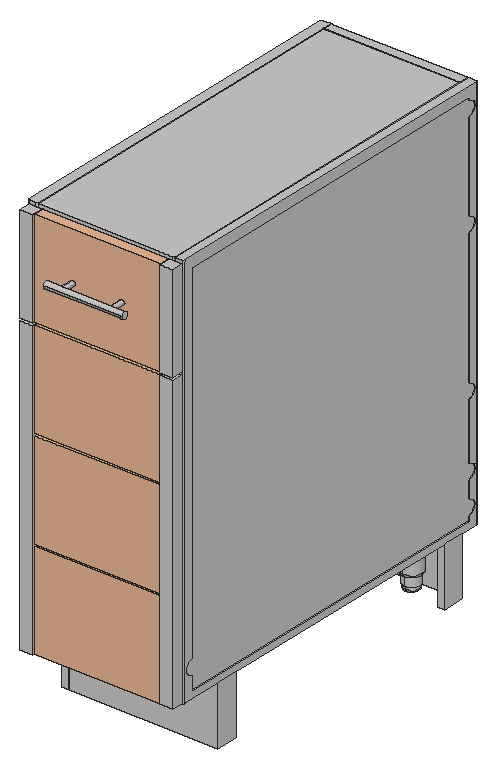
Revit family "Outdoor-Kitchen-Cabinets_Kalamazoo_Storage-Cabinets_Arcadia", category Specialty Equipment, Revit 2018 (continued)
Definition of nested family "Arcadia-Storage-Cabinets"
  Automatic sketch dimensions
    plane 10 "Center (Front/Back)" to Extrusion 4 sketch curve = 0.76314"
    Extrusion 4 sketch curve to Extrusion 4 sketch curve = 0.022"
    plane 10 "Center (Front/Back)" to Extrusion 4 sketch curve = 0.75052"  (x3)
    Extrusion 4 sketch curve to Extrusion 4 sketch curve = 0.01262"  (x2)
    Extrusion 4 sketch curve to Extrusion 4 sketch curve = 0.00861"
    Extrusion 4 sketch curve to Extrusion 4 sketch curve = 0.11982"
    Extrusion 4 sketch curve to Extrusion 4 sketch curve = 0.12404"  (x4)
    Extrusion 4 sketch curve to Extrusion 4 sketch curve = 0.12929"
    Extrusion 4 sketch curve to Extrusion 4 sketch curve = 0.1298"
    Extrusion 4 sketch curve to Extrusion 4 sketch curve = 0.13093"
    Extrusion 4 sketch curve to Extrusion 4 sketch curve = 0.13138"
    Extrusion 4 sketch curve to Extrusion 4 sketch curve = 0.16513"
    Extrusion 4 sketch curve to Extrusion 4 sketch curve = 0.28257"
    Extrusion 4 sketch curve to Extrusion 4 sketch curve = 0.67652"  (x3)
    Extrusion 4 sketch curve to Extrusion 4 sketch curve = 1.03257"
    Extrusion 4 sketch curve to Extrusion 4 sketch curve = 0.54755"
    Extrusion 4 sketch curve to Extrusion 4 sketch curve = 0.12855"
    Extrusion 4 sketch curve to Extrusion 4 sketch curve = 1.08885"
    Extrusion 4 sketch curve to Extrusion 4 sketch curve = 0.01888"
    Extrusion 4 sketch curve to Extrusion 4 sketch curve = 0.68629"
    Extrusion 4 sketch curve to Extrusion 4 sketch curve = 4.1642"
    Extrusion 4 sketch curve to Extrusion 4 sketch curve = 0.01248"
    Extrusion 4 sketch curve to Extrusion 4 sketch curve = 0.69481"
    Extrusion 4 sketch curve to Extrusion 4 sketch curve = 0.67608"
    Extrusion 4 sketch curve to Extrusion 4 sketch curve = 9.48685"
    Extrusion 4 sketch curve to Extrusion 4 sketch curve = 0.00154"
    Extrusion 4 sketch curve to Extrusion 4 sketch curve = 0.70241"
    Extrusion 4 sketch curve to Extrusion 4 sketch curve = 0.67204"
    Extrusion 4 sketch curve to Extrusion 4 sketch curve = 1.49605"
    Extrusion 4 sketch curve to Extrusion 4 sketch curve = 0.0107"
    Extrusion 4 sketch curve to Extrusion 4 sketch curve = 0.67227"
    Extrusion 4 sketch curve to Extrusion 4 sketch curve = 0.13656"
    Extrusion 4 sketch curve to Extrusion 4 sketch curve = 0.0217"
    Extrusion 4 sketch curve to Extrusion 4 sketch curve = 0.02154"  (x2)
    plane 11 to Extrusion 5 sketch curve = 1.54591"
    Extrusion 5 sketch curve to Extrusion 5 sketch curve = 0"  (x3)
    Extrusion 5 sketch curve to Extrusion 5 sketch curve = 0.12905"
    Extrusion 5 sketch curve to Extrusion 5 sketch curve = 0.12937"
    plane 18 to Extrusion 5 sketch curve = 0.77105"
    plane 11 to Extrusion 5 sketch curve = 1.67571"
    plane 10 "Center (Front/Back)" to Extrusion 5 sketch curve = 0.77252"
    plane 10 "Center (Front/Back)" to Extrusion 5 sketch curve = 0.77154"
    plane 10 "Center (Front/Back)" to Extrusion 5 sketch curve = 0.76877"
    plane 10 "Center (Front/Back)" to Extrusion 5 sketch curve = 0.76314"
    Extrusion 5 sketch curve to Extrusion 5 sketch curve = 0.022"
    plane 10 "Center (Front/Back)" to Extrusion 5 sketch curve = 0.75052"  (x3)
    Extrusion 5 sketch curve to Extrusion 5 sketch curve = 0.01262"  (x2)
    Extrusion 5 sketch curve to Extrusion 5 sketch curve = 0.00861"
    Extrusion 5 sketch curve to Extrusion 5 sketch curve = 0.11982"
    Extrusion 5 sketch curve to Extrusion 5 sketch curve = 0.12404"  (x4)
    Extrusion 5 sketch curve to Extrusion 5 sketch curve = 0.12929"
    Extrusion 5 sketch curve to Extrusion 5 sketch curve = 0.1298"
    Extrusion 5 sketch curve to Extrusion 5 sketch curve = 0.13093"
    Extrusion 5 sketch curve to Extrusion 5 sketch curve = 0.13138"
    Extrusion 5 sketch curve to Extrusion 5 sketch curve = 0.16513"
    Extrusion 5 sketch curve to Extrusion 5 sketch curve = 0.13656"
    Extrusion 5 sketch curve to Extrusion 5 sketch curve = 0.67652"  (x3)
    Extrusion 5 sketch curve to Extrusion 5 sketch curve = 0.67227"
    Extrusion 5 sketch curve to Extrusion 5 sketch curve = 0.0107"
    Extrusion 5 sketch curve to Extrusion 5 sketch curve = 6.61481"
    Extrusion 5 sketch curve to Extrusion 5 sketch curve = 0.54275"
    Extrusion 5 sketch curve to Extrusion 5 sketch curve = 0.70241"
    Extrusion 5 sketch curve to Extrusion 5 sketch curve = 0.00154"
    Extrusion 5 sketch curve to Extrusion 5 sketch curve = 9.64123"
    Extrusion 5 sketch curve to Extrusion 5 sketch curve = 0.67608"
    Extrusion 5 sketch curve to Extrusion 5 sketch curve = 0.68233"
    Extrusion 5 sketch curve to Extrusion 5 sketch curve = 0.01248"
    Extrusion 5 sketch curve to Extrusion 5 sketch curve = 4.10614"
    Extrusion 5 sketch curve to Extrusion 5 sketch curve = 0.68629"
    Extrusion 5 sketch curve to Extrusion 5 sketch curve = 0.01888"
    Extrusion 5 sketch curve to Extrusion 5 sketch curve = 2.3856"
    Extrusion 5 sketch curve to Extrusion 5 sketch curve = 0.6761"
    Extrusion 5 sketch curve to Extrusion 5 sketch curve = 1.08885"
    Extrusion 5 sketch curve to Extrusion 5 sketch curve = 0.67693"
    Extrusion 5 sketch curve to Extrusion 5 sketch curve = 0.28257"
    Extrusion 5 sketch curve to Extrusion 5 sketch curve = 0.0217"
    Extrusion 5 sketch curve to Extrusion 5 sketch curve = 0.02154"  (x2)
    plane 7 to Extrusion 6 sketch curve = 0.11016"
    plane 11 to Extrusion 6 sketch curve = 0.92521"  (x2)
    plane 9 to Extrusion 6 sketch curve = 0.02503"
    Extrusion 6 sketch curve to Extrusion 6 sketch curve = 0.11007"
    Extrusion 6 sketch curve to Extrusion 6 sketch curve = 0.11016"
    plane 10 "Center (Front/Back)" to Extrusion 6 sketch curve = 0.11009"  (x2)
    plane 10 "Center (Front/Back)" to Extrusion 6 sketch curve = 0.11007"  (x2)
    Extrusion 6 sketch curve to plane 10 "Center (Front/Back)" = 0"  (x2)
    plane 18 to Extrusion 7 sketch curve = 7.66589"  (x2)
    plane 18 to Extrusion 7 sketch curve = 0.22066"  (x2)
    Extrusion 8 sketch curve to plane 21 = 0"  (x2)
    plane 18 to Extrusion 8 sketch curve = 7.84852"  (x2)
    Extrusion 9 sketch curve to plane 21 = 7.40327"
    Extrusion 9 sketch curve to Extrusion 9 sketch curve = 0.18013"
    Extrusion 9 sketch curve to Extrusion 9 sketch curve = 7.44523"  (x2)
    Extrusion 9 sketch curve to Extrusion 9 sketch curve = 0.17762"
    Extrusion 9 sketch curve to Extrusion 9 sketch curve = 0.18263"
    plane 18 to Extrusion 9 sketch curve = 0.22066"
    Extrusion 10 sketch curve to plane 11 = 1.03221"
    plane 18 to Extrusion 10 sketch curve = 3.94628"
    plane 11 to Revolve 11 sketch curve = 0.09335"
    Revolve 11 sketch curve to plane 11 = 0.88465"
    plane 18 to Revolve 11 sketch curve = 3.94628"
    Revolve 11 sketch curve to Revolve 11 sketch curve = 0.19264"
    Revolve 11 sketch curve to Revolve 11 sketch curve = 0"  (x2)
    Revolve 11 sketch curve to Revolve 11 sketch curve = 0.15924"
    Revolve 12 sketch curve to plane 11 = 0.09335"
    plane 11 to Revolve 12 sketch curve = 0.88465"
    Revolve 12 sketch curve to plane 18 = 3.94628"
    Revolve 12 sketch curve to Revolve 12 sketch curve = 0.19264"
    Revolve 12 sketch curve to Revolve 12 sketch curve = 0"  (x2)
    Revolve 12 sketch curve to Revolve 12 sketch curve = 0.15924"
    Extrusion 13 sketch curve to plane 11 = 1.03221"
    plane 18 to Extrusion 13 sketch curve = 11.57414"
    plane 11 to Revolve 14 sketch curve = 0.09335"
    Revolve 14 sketch curve to plane 11 = 0.88465"
    plane 18 to Revolve 14 sketch curve = 11.57414"
    Revolve 14 sketch curve to Revolve 14 sketch curve = 0.19264"
    Revolve 14 sketch curve to Revolve 14 sketch curve = 0"  (x2)
    Revolve 14 sketch curve to Revolve 14 sketch curve = 0.15924"
    Revolve 15 sketch curve to plane 11 = 0.09335"
    plane 11 to Revolve 15 sketch curve = 0.88465"
    Revolve 15 sketch curve to plane 18 = 11.57414"
    Revolve 15 sketch curve to Revolve 15 sketch curve = 0.19264"
    Revolve 15 sketch curve to Revolve 15 sketch curve = 0"  (x2)
    Revolve 15 sketch curve to Revolve 15 sketch curve = 0.15924"
    Extrusion 16 sketch curve to plane 11 = 1.03221"
    Extrusion 16 sketch curve to plane 21 = 11.298"
    plane 11 to Revolve 17 sketch curve = 0.09335"
    Revolve 17 sketch curve to plane 11 = 0.88465"
    Revolve 17 sketch curve to plane 21 = 11.298"
    Revolve 17 sketch curve to Revolve 17 sketch curve = 0.19264"
    Revolve 17 sketch curve to Revolve 17 sketch curve = 0"  (x2)
    Revolve 17 sketch curve to Revolve 17 sketch curve = 0.15924"
    Revolve 18 sketch curve to plane 11 = 0.09335"
    plane 11 to Revolve 18 sketch curve = 0.88465"
    plane 21 to Revolve 18 sketch curve = 11.298"
    Revolve 18 sketch curve to Revolve 18 sketch curve = 0.19264"
    Revolve 18 sketch curve to Revolve 18 sketch curve = 0"  (x2)
    Revolve 18 sketch curve to Revolve 18 sketch curve = 0.15924"
    Extrusion 19 sketch curve to plane 21 = 0"  (x2)
    plane 18 to Extrusion 19 sketch curve = 0.2451"  (x2)
    Extrusion 19 sketch curve to plane 14 = 0.75693"  (x2)
    Extrusion 19 sketch curve to plane 3 "Center (Left/Right)" = 0.135"  (x2)
    plane 3 "Center (Left/Right)" to Extrusion 19 sketch curve = 0.135"  (x2)
    Extrusion 19 sketch curve to plane 15 = 0.75693"  (x2)
    Extrusion 19 sketch curve to Extrusion 19 sketch curve = 7.622"
    Extrusion 19 sketch curve to Extrusion 19 sketch curve = 0"
    Extrusion 19 sketch curve to Extrusion 19 sketch curve = 0.182"  (x2)
    Extrusion 20 sketch curve to plane 21 = 7.40327"
    Extrusion 20 sketch curve to Extrusion 20 sketch curve = 0"  (x3)
    Extrusion 20 sketch curve to Extrusion 20 sketch curve = 0.16713"  (x2)
    Extrusion 20 sketch curve to Extrusion 20 sketch curve = 7.45823"
    Extrusion 20 sketch curve to Extrusion 20 sketch curve = 0.16427"  (x2)
    Extrusion 20 sketch curve to Extrusion 20 sketch curve = 7.44"
    Extrusion 20 sketch curve to Extrusion 20 sketch curve = 0.182"  (x2)
    plane 18 to Extrusion 20 sketch curve = 0.2451"  (x2)
    Extrusion 23 sketch curve to plane 11 = 1.03221"
    plane 18 to Extrusion 23 sketch curve = 3.94628"
    Extrusion 26 sketch curve to plane 11 = 1.03221"
    plane 18 to Extrusion 26 sketch curve = 3.94628"
    Extrusion 29 sketch curve to plane 11 = 1.03221"
    plane 18 to Extrusion 29 sketch curve = 11.588"
    Extrusion 32 sketch curve to plane 11 = 1.03221"
    plane 18 to Extrusion 32 sketch curve = 11.588"
    plane 9 to Masking region 1 sketch curve = 0.02503"
    plane 11 to Masking region 1 sketch curve = 0.92521"  (x2)
    plane 7 to Masking region 1 sketch curve = 0.11016"
    Masking region 1 sketch curve to Masking region 1 sketch curve = 0.11007"
    Masking region 1 sketch curve to Masking region 1 sketch curve = 0.11016"
    plane 10 "Center (Front/Back)" to Masking region 1 sketch curve = 0.11009"  (x2)
    plane 10 "Center (Front/Back)" to Masking region 1 sketch curve = 0.11007"  (x2)
    Masking region 1 sketch curve to plane 10 "Center (Front/Back)" = 0"  (x2)
    plane 10 "Center (Front/Back)" to Masking region 2 sketch curve = 0"
    Masking region 2 sketch curve to plane 7 = 0.10834"  (x2)
    plane 10 "Center (Front/Back)" to Masking region 2 sketch curve = 0.11008"
    Masking region 2 sketch curve to plane 6 = 0.11008"
    Masking region 2 sketch curve to Masking region 2 sketch curve = 0.53038"
    Masking region 3 sketch curve to plane 6 = 0.11022"
    plane 11 to Masking region 3 sketch curve = 0.92518"
    Masking region 3 sketch curve to plane 7 = 0.10978"
    plane 10 "Center (Front/Back)" to Masking region 3 sketch curve = 0.75052"
    Masking region 4 sketch curve to plane 11 = 0.01673"  (x2)
    plane 11 to Masking region 4 sketch curve = 0.89391"  (x2)
    Masking region 5 sketch curve to plane 11 = 0.01673"  (x2)
    plane 11 to Masking region 5 sketch curve = 0.89391"  (x2)
    Masking region 5 sketch curve to plane 15 = 0.75693"
    plane 3 "Center (Left/Right)" to Masking region 5 sketch curve = 0.135"
    Masking region 5 sketch curve to plane 3 "Center (Left/Right)" = 0.135"
    Masking region 5 sketch curve to plane 14 = 0.75693"
    plane 11 to Masking region 6 sketch curve = 0.09335"  (x2)
    Masking region 6 sketch curve to Masking region 6 sketch curve = 0.80056"  (x2)
    Masking region 6 sketch curve to plane 15 = 0.75693"
    Masking region 6 sketch curve to plane 14 = 0.75693"
    plane 11 to Masking region 8 sketch curve = 0.09335"
    Masking region 8 sketch curve to Masking region 8 sketch curve = 0.80056"
    Masking region 9 sketch curve to plane 14 = 0"
    Masking region 9 sketch curve to plane 15 = 0"
    Masking region 9 sketch curve to plane 14 = 0.05389"
    Masking region 9 sketch curve to plane 11 = 0.88465"  (x2)
    Masking region 9 sketch curve to Masking region 9 sketch curve = 0.08892"  (x4)
    plane 11 to Masking region 9 sketch curve = 0.09335"  (x2)
    plane 15 to Masking region 9 sketch curve = 0.05389"
    plane 15 to Masking region 9 sketch curve = 0.19264"
    Masking region 9 sketch curve to Masking region 9 sketch curve = 0.05389"
    Masking region 9 sketch curve to plane 15 = 0.19264"
    Masking region 9 sketch curve to Masking region 9 sketch curve = 0.13875"
    plane 14 to Masking region 9 sketch curve = 0.05389"
    plane 14 to Masking region 9 sketch curve = 0.19264"
    Masking region 9 sketch curve to plane 15 = 0.01791"
    Masking region 9 sketch curve to Masking region 9 sketch curve = 0.02058"  (x4)
    plane 14 to Masking region 9 sketch curve = 0.01791"
    plane 15 to Masking region 9 sketch curve = 0.01791"
    Masking region 9 sketch curve to plane 14 = 0.01791"
    Masking region 10 sketch curve to plane 14 = 0"
    Masking region 10 sketch curve to plane 15 = 0"
    Masking region 10 sketch curve to plane 11 = 1.26881"
    Masking region 10 sketch curve to plane 14 = 0.05372"
    Masking region 10 sketch curve to plane 11 = 0.88465"  (x2)
    Masking region 10 sketch curve to Masking region 10 sketch curve = 0.47301"
    Masking region 10 sketch curve to Masking region 10 sketch curve = 0.47319"
    Masking region 10 sketch curve to Masking region 10 sketch curve = 0.08971"
    Masking region 10 sketch curve to plane 14 = 0.12511"
    plane 11 to Masking region 10 sketch curve = 5.07457"
    plane 6 to Masking region 10 sketch curve = 0.30122"
    Masking region 10 sketch curve to Masking region 10 sketch curve = 0"  (x3)
    Masking region 10 sketch curve to plane 15 = 0.12511"
    plane 7 to Masking region 10 sketch curve = 0.29066"
    plane 15 to Masking region 10 sketch curve = 0.19268"
    Masking region 10 sketch curve to Masking region 10 sketch curve = 0.05372"  (x2)
    plane 9 to Extrusion 33 sketch curve = 0"
    Extrusion 33 sketch curve to plane 12 = 0"
    plane 13 to Extrusion 33 sketch curve = 0"
    Extrusion 33 sketch curve to plane 8 = 0"
    plane 18 to Extrusion 33 sketch curve = 0.22066"  (x2)
    Extrusion 33 sketch curve to Extrusion 33 sketch curve = 7.44523"  (x2)
    plane 9 to Extrusion 34 sketch curve = 0"
    Extrusion 34 sketch curve to plane 12 = 0"
    plane 13 to Extrusion 34 sketch curve = 0"
    Extrusion 34 sketch curve to plane 8 = 0"
    Extrusion 34 sketch curve to plane 21 = 0"  (x2)
    plane 18 to Extrusion 34 sketch curve = 7.84852"  (x2)
    Extrusion 35 sketch curve to plane 12 = 0"  (x4)
    plane 13 to Extrusion 35 sketch curve = 0"  (x4)
    Extrusion 35 sketch curve to plane 21 = 0"
    Extrusion 35 sketch curve to plane 21 = 7.40327"
    Extrusion 35 sketch curve to Extrusion 35 sketch curve = 0.18013"
    Extrusion 35 sketch curve to Extrusion 35 sketch curve = 7.44523"  (x2)
    Extrusion 35 sketch curve to Extrusion 35 sketch curve = 0.17762"
    Extrusion 35 sketch curve to Extrusion 35 sketch curve = 0.18263"
    plane 18 to Extrusion 35 sketch curve = 0.22066"
    Extrusion 36 sketch curve to plane 21 = 0"  (x2)
    plane 18 to Extrusion 36 sketch curve = 0.2451"  (x2)
    Extrusion 36 sketch curve to plane 14 = 0.75693"  (x2)
    Extrusion 36 sketch curve to plane 3 "Center (Left/Right)" = 0.135"  (x2)
    plane 3 "Center (Left/Right)" to Extrusion 36 sketch curve = 0.135"  (x2)
    Extrusion 36 sketch curve to plane 15 = 0.75693"  (x2)
    Extrusion 36 sketch curve to Extrusion 36 sketch curve = 7.44"
    Extrusion 36 sketch curve to Extrusion 36 sketch curve = 0"
    Extrusion 36 sketch curve to Extrusion 36 sketch curve = 0.182"  (x2)
    Extrusion 37 sketch curve to plane 12 = 0"  (x4)
    Extrusion 37 sketch curve to plane 21 = 0"  (x2)
    plane 13 to Extrusion 37 sketch curve = 0"  (x4)
    Extrusion 37 sketch curve to plane 14 = 0.75693"
    Extrusion 37 sketch curve to Extrusion 37 sketch curve = 0"  (x8)
    Extrusion 37 sketch curve to plane 15 = 0.75693"  (x2)
    plane 18 to Extrusion 37 sketch curve = 0.2451"  (x2)
    Extrusion 37 sketch curve to Extrusion 37 sketch curve = 7.44"  (x2)
    Extrusion 37 sketch curve to Extrusion 37 sketch curve = 0.182"  (x2)
    Extrusion 37 sketch curve to Extrusion 37 sketch curve = 0.16427"  (x2)
    Extrusion 37 sketch curve to Extrusion 37 sketch curve = 7.45823"
    Extrusion 37 sketch curve to Extrusion 37 sketch curve = 0.16713"  (x2)
    Masking region 7 sketch curve to plane 11 = 0.88465"  (x2)
    Masking region 7 sketch curve to Masking region 7 sketch curve = 0.08936"  (x4)
    Masking region 7 sketch curve to Masking region 7 sketch curve = 0.08963"  (x4)
    Masking region 7 sketch curve to plane 11 = 0.39047"  (x4)
    Masking region 7 sketch curve to Masking region 7 sketch curve = 0"  (x4)
    plane 11 to Masking region 7 sketch curve = 0.09335"  (x4)
    Masking region 7 sketch curve to Masking region 7 sketch curve = 0.02338"  (x2)
    Masking region 7 sketch curve to Masking region 7 sketch curve = 0.13724"
    Masking region 7 sketch curve to Masking region 7 sketch curve = 0.0551"  (x6)
    Masking region 7 sketch curve to Masking region 7 sketch curve = 0.02367"  (x2)
    Masking region 7 sketch curve to Masking region 7 sketch curve = 0.13754"
    Masking region 7 sketch curve to Masking region 7 sketch curve = 0.1102"  (x2)
    Masking region 11 sketch curve to plane 11 = 0.79562"
    Masking region 11 sketch curve to Masking region 11 sketch curve = 0.47319"
    Masking region 12 sketch curve to plane 11 = 0.79562"
    Masking region 12 sketch curve to Masking region 12 sketch curve = 0.47319"
    Revolve 25 sketch curve to plane 11 = 0.88465"
    plane 11 to Revolve 25 sketch curve = 0.09335"
    plane 18 to Revolve 25 sketch curve = 3.94628"
    Revolve 25 sketch curve to Revolve 25 sketch curve = 0.19264"
    Revolve 25 sketch curve to Revolve 25 sketch curve = 0"  (x2)
    Revolve 25 sketch curve to Revolve 25 sketch curve = 0.15924"
    Revolve 31 sketch curve to plane 11 = 0.88465"
    plane 11 to Revolve 31 sketch curve = 0.09335"
    plane 18 to Revolve 31 sketch curve = 11.588"
    Revolve 31 sketch curve to Revolve 31 sketch curve = 0.19264"
    Revolve 31 sketch curve to Revolve 31 sketch curve = 0"  (x2)
    Revolve 31 sketch curve to Revolve 31 sketch curve = 0.15924"
    plane 11 to Revolve 24 sketch curve = 0.88465"
    Revolve 24 sketch curve to plane 11 = 0.09335"
    Revolve 24 sketch curve to plane 18 = 3.94628"
    Revolve 24 sketch curve to Revolve 24 sketch curve = 0.19264"
    Revolve 24 sketch curve to Revolve 24 sketch curve = 0"  (x2)
    Revolve 24 sketch curve to Revolve 24 sketch curve = 0.15924"
    plane 11 to Revolve 30 sketch curve = 0.88465"
    Revolve 30 sketch curve to plane 11 = 0.09335"
    Revolve 30 sketch curve to plane 18 = 11.588"
    Revolve 30 sketch curve to Revolve 30 sketch curve = 0.19264"
    Revolve 30 sketch curve to Revolve 30 sketch curve = 0"  (x2)
    Revolve 30 sketch curve to Revolve 30 sketch curve = 0.15924"
    plane 11 to Revolve 22 sketch curve = 0.88465"
    Revolve 22 sketch curve to plane 11 = 0.09335"
    Revolve 22 sketch curve to plane 18 = 3.94628"
    Revolve 22 sketch curve to Revolve 22 sketch curve = 0.19264"
    Revolve 22 sketch curve to Revolve 22 sketch curve = 0"  (x2)
    Revolve 22 sketch curve to Revolve 22 sketch curve = 0.15924"
    plane 11 to Revolve 28 sketch curve = 0.88465"
    Revolve 28 sketch curve to plane 11 = 0.09335"
    Revolve 28 sketch curve to plane 18 = 11.588"
    Revolve 28 sketch curve to Revolve 28 sketch curve = 0.19264"
    Revolve 28 sketch curve to Revolve 28 sketch curve = 0"  (x2)
    Revolve 28 sketch curve to Revolve 28 sketch curve = 0.15924"
    Revolve 21 sketch curve to plane 11 = 0.88465"
    plane 11 to Revolve 21 sketch curve = 0.09335"
    plane 18 to Revolve 21 sketch curve = 3.94628"
    Revolve 21 sketch curve to Revolve 21 sketch curve = 0.19264"
    Revolve 21 sketch curve to Revolve 21 sketch curve = 0"  (x2)
    Revolve 21 sketch curve to Revolve 21 sketch curve = 0.15924"
    Revolve 27 sketch curve to plane 11 = 0.88465"
    plane 11 to Revolve 27 sketch curve = 0.09335"
    plane 18 to Revolve 27 sketch curve = 11.588"
    Revolve 27 sketch curve to Revolve 27 sketch curve = 0.19264"
    Revolve 27 sketch curve to Revolve 27 sketch curve = 0"  (x2)
    Revolve 27 sketch curve to Revolve 27 sketch curve = 0.15924"
    radius of Extrusion 10 sketch curve = 0.2366"
    radius of Extrusion 13 sketch curve = 0.2366"
    radius of Extrusion 16 sketch curve = 0.2366"
    radius of Extrusion 23 sketch curve = 0.2366"
    radius of Extrusion 26 sketch curve = 0.2366"
    radius of Extrusion 29 sketch curve = 0.2366"
    radius of Extrusion 32 sketch curve = 0.2366"
Types in the file's own list only (16): name | Width | Weight (lb) | URL | SNGL | Model | Manufacturer | Description | DBL | 3 | 2
  KD-12-1 | 12" | 180.00 lbf | "https://kalamazoogourmet.com/products/arcadia-12-inch-pull-out-rack-storage-cabinet/" | Yes | "KD-12-1" | "Kalamazoo Outdoor Gourmet" | "Arcadia 12-Inch Pull-Out Rack Storage Cabinet" | No | No | No
  KD-12-2 | 12" | 180.00 lbf | "https://kalamazoogourmet.com/products/arcadia-12-inch-drawer-over-door-storage-cabinet/" | Yes | "KD-12-2" | "Kalamazoo Outdoor Gourmet" | "Arcadia 12-Inch Drawer Over Door Storage Cabinet" | No | No | Yes
  KD-12-3 | 12" | 180.00 lbf | "https://kalamazoogourmet.com/products/arcadia-12-inch-three-drawer-storage-cabinet/" | Yes | "KD-12-3" | "Kalamazoo Outdoor Gourmet" | "Arcadia 12-Inch Three Drawer Storage Cabinet" | No | Yes | Yes
  KD-15-2 | 15" | 190.00 lbf | "https://kalamazoogourmet.com/products/arcadia-15-inch-drawer-over-door-storage-cabinet/" | Yes | "KD-15-2" | "Kalamazoo Outdoor Gourmet" | "Arcadia 15-Inch Drawer Over Door Storage Cabinet" | No | No | Yes
  KD-15-3 | 15" | 190.00 lbf | "https://kalamazoogourmet.com/products/arcadia-15-inch-three-drawer-storage-cabinet/" | Yes | "KD-15-3" | "Kalamazoo Outdoor Gourmet" | "Arcadia 15-Inch Three Drawer Storage Cabinet" | No | Yes | Yes
  KD-18-1 | 18" | 200.00 lbf | "https://kalamazoogourmet.com/products/arcadia-18-inch-waste-recycling-storage-cabinet/" | Yes | "KD-18-1" | "Kalamazoo Outdoor Gourmet" | "Arcadia 18-Inch Waste & Recycling Storage Cabinet" | No | No | No
  KD-18-2 | 18" | 200.00 lbf | "https://kalamazoogourmet.com/products/arcadia-18-inch-drawer-over-door-storage-cabinet/" | Yes | "KD-18-2" | "Kalamazoo Outdoor Gourmet" | "Arcadia 18-Inch Drawer Over Door Storage Cabinet" | No | No | Yes
  KD-18-3 | 18" | 200.00 lbf | "https://kalamazoogourmet.com/products/arcadia-18-inch-three-drawer-storage-cabinet/" | Yes | "KD-18-3" | "Kalamazoo Outdoor Gourmet" | "Arcadia 18-Inch Three Drawer Storage Cabinet" | No | Yes | Yes
  KD-21-1 | 21" | 210.00 lbf | "https://kalamazoogourmet.com/products/arcadia-21-inch-waste-recycling-storage-cabinet/" | Yes | "KD-21-1" | "Kalamazoo Outdoor Gourmet" | "Arcadia 21-Inch Waste & Recycling Storage Cabinet" | No | No | No
  KD-21-2 | 21" | 210.00 lbf | "https://kalamazoogourmet.com/products/arcadia-21-inch-drawer-over-door-storage-cabinet/" | Yes | "KD-21-2" | "Kalamazoo Outdoor Gourmet" | "Arcadia 21-Inch Drawer Over Door Storage Cabinet" | No | No | Yes
  KD-21-3 | 21" | 210.00 lbf | "https://kalamazoogourmet.com/products/arcadia-21-inch-three-drawer-storage-cabinet/" | Yes | "KD-21-3" | "Kalamazoo Outdoor Gourmet" | "Arcadia 21-Inch Three Drawer Storage Cabinet" | No | Yes | Yes
  KD-24-1 | 24" | 220.00 lbf | "https://kalamazoogourmet.com/products/arcadia-24-inch-waste-recycling-pull-out-storage-c/" | Yes | "KD-24-1" | "Kalamazoo Outdoor Gourmet" | "Arcadia 24-Inch Waste & Recycling Storage Cabinet" | No | No | No
  KD-24-2 | 24" | 220.00 lbf | "https://kalamazoogourmet.com/products/arcadia-24-inch-drawer-over-door-storage-cabinet/" | Yes | "KD-24-2" | "Kalamazoo Outdoor Gourmet" | "Arcadia 24-Inch Drawer Over Door Storage Cabinet" | No | No | Yes
  KD-24-3 | 24" | 220.00 lbf | "https://kalamazoogourmet.com/products/arcadia-24-inch-three-drawer-storage-cabinet/" | Yes | "KD-24-3" | "Kalamazoo Outdoor Gourmet" | "Arcadia 24-Inch Three Drawer Storage Cabinet" | No | Yes | Yes
  KD-30-4 | 30" | 240.00 lbf | "https://kalamazoogourmet.com/products/arcadia-30-inch-storage-cabinets/" | No | "KD-30-4" | "Kalamazoo Outdoor Gourmet" | "Arcadia 30-Inch Storage Cabinet" | Yes | No | No
  KD-36-4 | 36" | 250.00 lbf | "https://kalamazoogourmet.com/products/arcadia-36-inch-storage-cabinets/" | No | "KD-36-4" | "Kalamazoo Outdoor Gourmet" | "Arcadia 36-Inch Storage Cabinet" | Yes | No | No
